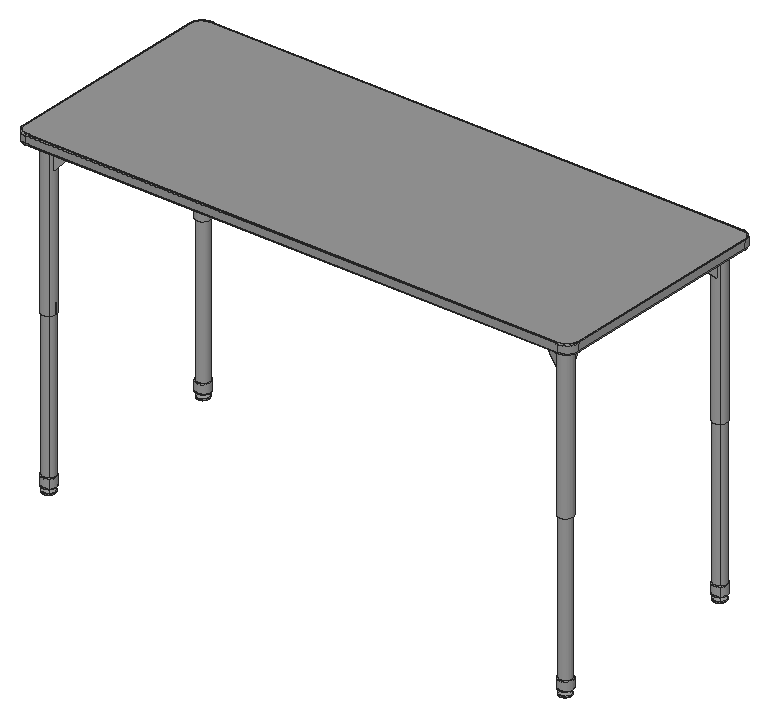
Revit family "Hierarchy Activity 72x30 Rectangle Table - Standing Height", category Furniture, Revit 2018
Family settings
  Work Plane-Based = No
  Always vertical = Yes
  Cut with Voids When Loaded = No
  Shared = No
  Room Calculation Point = No
Parameters
  Table Height = 3' - 5"
  Surface = Hierarchy Activity 72x30 Rectangle Table Standing Surface
  Leg Finish = Hierarchy Leg Platinum
  Edgeband = Hierarchy Activity 72x30 Rectangle Table Standing Edgeband
  Caster/Glide = Hierarchy Standing Leg - Glide : Hierarchy Standing Leg - Glide
Reference planes (in)
  plane 1 "Center (Front/Back)": y = 0
  plane 2: z = 0
  plane 3 "Center (Left/Right)": x = 0
  plane 4: z = 41
Dimensions and locks (in)
  "Table Height": plane 4 to level
  aligned and locked: plane 2 to level
  aligned and locked: nested 1 to plane 4
Nested families (in)
  nested 1: "Activity 72x30 Tabletop" at (0, 0, 17.075), type "Activity 72x30 Tabletop"
  nested 2: "Hierarchy Standing Leg - Glide" at (-33.51636, 12.51949, 0) x (0.7071, 0.7071, 0) z (0, 0, 1), type <- "Caster/Glide", Leg Finish <- "Leg Finish", Leg Height <- "Table Height", type "Hierarchy Standing Leg - Glide"
  nested 3: "Hierarchy Standing Leg - Glide" at (-33.51636, -12.51949, 0) x (-0.7071, 0.7071, 0) z (0, 0, 1), type <- "Caster/Glide", Leg Finish <- "Leg Finish", Leg Height <- "Table Height", type "Hierarchy Standing Leg - Glide"
  nested 4: "Hierarchy Standing Leg - Glide" at (33.51636, 12.51949, 0) x (-0.7071, 0.7071, 0) z (0, 0, 1), Leg Finish <- "Leg Finish", Leg Height <- "Table Height", type "Hierarchy Standing Leg - Glide"
  nested 5: "Hierarchy Standing Leg - Glide" at (33.51636, -12.51949, 0) x (0.7071, 0.7071, 0) z (0, 0, 1), Leg Finish <- "Leg Finish", Leg Height <- "Table Height", type "Hierarchy Standing Leg - Glide"
Definition of nested family "Activity 72x30 Tabletop"
  Parameters (values of type "Activity 72x30 Tabletop")
    Surface = none
    Edgeband = none
  Reference planes (in)
    plane 1 "Center (Front/Back)": y = 0
    plane 2: z = 0
    plane 3 "Center (Left/Right)": x = 0
  Forms (in)
    Extrusion 1, solid, material <- "Surface"
      sketch origin (0, -3, 0) x (1, 0, 0) y (0, 1, 0)
        loop
          line (34.5, 17.88189) -> (-34.5, 17.88189)
          arc (-34.5, 17.88189) -> (-35.47714, 17.47714) -> (-35.88189, 16.5) r 1.38189
          line (-35.88189, 16.5) -> (-35.88189, -10.5)
          arc (-35.88189, -10.5) -> (-35.47714, -11.47714) -> (-34.5, -11.88189) r 1.38189
          line (-34.5, -11.88189) -> (34.5, -11.88189)
          arc (34.5, -11.88189) -> (35.47714, -11.47714) -> (35.88189, -10.5) r 1.38189
          line (35.88189, -10.5) -> (35.88189, 16.5)
          arc (35.88189, 16.5) -> (35.47714, 17.47714) -> (34.5, 17.88189) r 1.38189
      from 23.925 to 25.125
    Sweep 2, solid, material <- "Edgeband"
      path origin (0, -3, 0) x (1, 0, 0) y (0, 1, 0)
        loop
          line (34.5, 17.88189) -> (-34.5, 17.88189)
          arc (-34.5, 17.88189) -> (-35.47714, 17.47714) -> (-35.88189, 16.5) r 1.38189
          line (-35.88189, 16.5) -> (-35.88189, -10.5)
          arc (-35.88189, -10.5) -> (-35.47714, -11.47714) -> (-34.5, -11.88189) r 1.38189
          line (-34.5, -11.88189) -> (34.5, -11.88189)
          arc (34.5, -11.88189) -> (35.47714, -11.47714) -> (35.88189, -10.5) r 1.38189
          line (35.88189, -10.5) -> (35.88189, 16.5)
          arc (35.88189, 16.5) -> (35.47714, 17.47714) -> (34.5, 17.88189) r 1.38189
      profile origin (0, 14.88189, 0) x (0, -1, 0) y (0, 0, 1)
        loop
          arc (0, 25.125) -> (-0.08352, 25.09041) -> (-0.11811, 25.00689) r 0.11811
          line (-0.11811, 25.00689) -> (-0.11811, 24.04311)
          arc (-0.11811, 24.04311) -> (-0.08352, 23.95959) -> (0, 23.925) r 0.11811
          line (0, 23.925) -> (0, 25.125)
  Dimensions and locks (in)
    aligned and locked: plane 2 to level
Definition of nested family "Hierarchy Standing Leg - Glide"
  Parameters (values of type "Hierarchy Standing Leg - Glide")
    Leg Finish [instance] = none
    Leg Height [instance] = 3' - 5"
  Reference planes (in)
    plane 1 "Center (Front/Back)": y = 0
    plane 2: z = 0
    plane 3 "Center (Left/Right)": x = 0
  Forms (in)
    Extrusion 1, solid
      sketch origin (-0.01562, 0, 0) x (1, 0, 0) y (0, 1, 0)
        loop
          circle (0.01563, 0) r 0.79147
      from 2 to 23.175
    Revolve 2, solid
      sketch origin (0, 0, 0) x (1, 0, 0) y (0, 0, 1)
        loop
          line (0, 2) -> (0, 0.74937) -> (0.84838, 0.74937)
          arc (0.84838, 0.74937) -> (0.89342, 0.76803) -> (0.91207, 0.81306) r 0.06369
          line (0.91207, 0.81306) -> (0.91207, 1.93631)
          arc (0.91207, 1.93631) -> (0.89342, 1.98134) -> (0.84838, 2) r 0.06369
          line (0.84838, 2) -> (0, 2)
        axis (0, 2) -> (0, 0.74937)
      angle from 0 to 360
    Revolve 3, solid
      sketch origin (0, 0, 0) x (1, 0, 0) y (0, 0, 1)
        loop
          line (0, 0.75) -> (0, 0) -> (0.74583, 0) -> (0.79147, 0.09013) -> (0.79147, 0.16241) -> (0.12474, 0.5) -> (0.12474, 0.75) -> (0, 0.75)
        axis (0, 0.75) -> (0, 0)
      angle from 0 to 360
  Dimensions and locks (in)
    "Leg Height": nested 1 to level
    aligned and locked: plane 2 to level
  Automatic sketch dimensions
    plane 1 "Center (Front/Back)" to Extrusion 1 sketch curve = 0' - 0"
    Extrusion 1 sketch curve to plane 3 "Center (Left/Right)" = 0' - 0"
    Revolve 2 sketch curve to plane 3 "Center (Left/Right)" = 0' - 0"  (x2)
    plane 3 "Center (Left/Right)" to Revolve 2 sketch curve = 0' - 0.84838"
    Revolve 2 sketch curve to Revolve 2 sketch curve = 0' - 0.84838"
    Revolve 2 sketch curve to Revolve 2 sketch curve = 0' - 0.06369"
    level to Revolve 2 sketch curve = 0' - 0.74937"
    Revolve 2 sketch curve to Revolve 2 sketch curve = 0' - 1.12324"
    Revolve 2 sketch curve to Revolve 2 sketch curve = 0' - 0.13731"
    Revolve 2 sketch curve to Revolve 2 sketch curve = 0' - 0 3/4"
    Revolve 3 sketch curve to plane 3 "Center (Left/Right)" = 0' - 0"  (x2)
    Revolve 3 sketch curve to level = 0' - 0"
    plane 3 "Center (Left/Right)" to Revolve 3 sketch curve = 0' - 0.12474"
    plane 3 "Center (Left/Right)" to Revolve 3 sketch curve = 0' - 0.74583"
    Revolve 3 sketch curve to Revolve 3 sketch curve = 0' - 0.04564"
    level to Revolve 3 sketch curve = 0' - 0.09013"
    Revolve 3 sketch curve to Revolve 3 sketch curve = 0' - 0.07228"
    level to Revolve 3 sketch curve = 0' - 0 1/2"
    Revolve 3 sketch curve to Revolve 3 sketch curve = 0' - 0 1/4"
    Revolve 3 sketch curve to level = 0' - 0 1/8"
    Revolve 3 sketch curve to Revolve 3 sketch curve = 0' - 0 1/8"
    radius of Extrusion 1 sketch curve = 0' - 0.79147"
  Nested families (in)
    nested 1: "Hierarchy Standing Upper Leg 2023" at (0, 0, 0.19983), Leg Finish <- "Leg Finish", type "Hierarchy Standing Upper Leg 2023"
      with Leg Finish none
  Definition of nested family "Hierarchy Standing Upper Leg 2023"
    Parameters (values of type "Hierarchy Standing Upper Leg 2023")
      Leg Finish [instance] = none
    Reference planes (in)
      plane 1 "Center (Front/Back)": y = 0
      plane 2: z = 0
      plane 3 "Center (Left/Right)": x = 0
    Forms (in)
      Extrusion 1, solid, material <- "Leg Finish"
        sketch origin (0, 0, 0) x (1, 0, 0) y (0, 1, 0)
          loop
            circle (0, 0) r 0.9129
        from 20.67418 to 40.67418
      Extrusion 2, solid, material <- "Leg Finish"
        sketch origin (0, 0, 12.998) x (1, 0, 0) y (0, 1, 0)
          loop
            line (-1.70174, 0.19183) -> (-3.96611, -4.49738)
            arc (-3.96611, -4.49738) -> (-3.91977, -5.33444) -> (-3.18615, -5.74016) r 0.86614
            line (-3.18615, -5.74016) -> (3.18615, -5.74016)
            arc (3.18615, -5.74016) -> (3.91977, -5.33444) -> (3.96611, -4.49738) r 0.86614
            line (3.96611, -4.49738) -> (1.70174, 0.19183)
            arc (1.70174, 0.19183) -> (0, 1.25984) -> (-1.70174, 0.19183) r 1.88976
        from 27.67618 to 27.80217
      Extrusion 3, solid, material <- "Leg Finish"
        sketch origin (12.41967, 1.58692, 0) x (0.434844, 0.900506, 0) y (0, 0, 1)
          loop
            arc (-12.68776, 40.67418) -> (-12.80559, 40.56418) -> (-12.70394, 40.43908) r 0.11811
            arc (-12.70394, 40.43908) -> (-9.98192, 39.53509) -> (-7.76426, 37.71614) r 7.87402
            arc (-7.76426, 37.71614) -> (-7.63344, 37.68136) -> (-7.55587, 37.79229) r 0.11811
            line (-7.55587, 37.79229) -> (-7.55587, 40.67418) -> (-12.68776, 40.67418)
        from -11.10976 to -10.98378
      Extrusion 4, solid, material <- "Leg Finish"
        sketch origin (-12.41967, 1.58692, 0) x (-0.434844, 0.900506, 0) y (0, 0, -1)
          loop
            line (-12.68776, -40.67418) -> (-7.55587, -40.67418) -> (-7.55587, -37.79229)
            arc (-7.55587, -37.79229) -> (-7.63344, -37.68136) -> (-7.76426, -37.71614) r 0.11811
            arc (-7.76426, -37.71614) -> (-9.98192, -39.53509) -> (-12.70394, -40.43908) r 7.87402
            arc (-12.70394, -40.43908) -> (-12.80559, -40.56418) -> (-12.68776, -40.67418) r 0.11811
        from -11.10976 to -10.98378
    Dimensions and locks (in)
      aligned and locked: plane 2 to level
